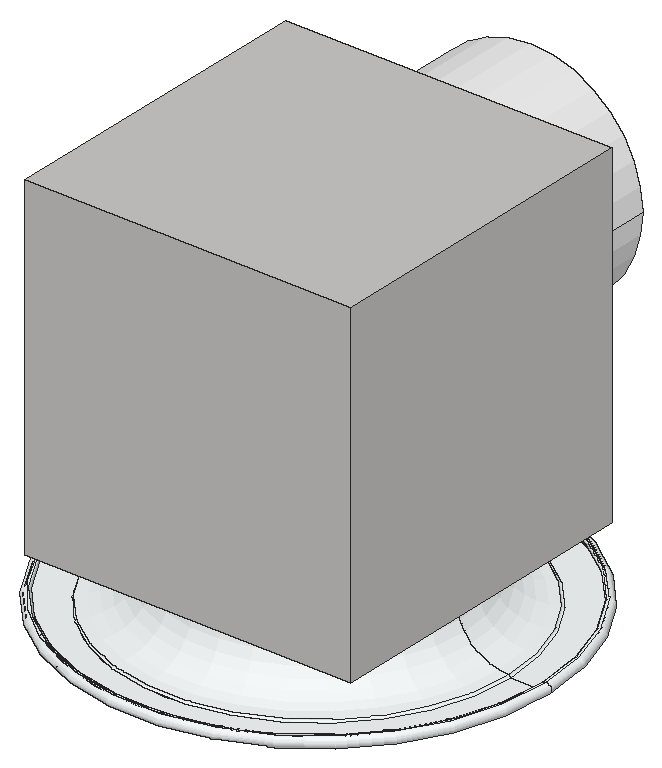
Revit family "HVAC_Ductwork_Airzone_Round-Diffuser_DFCI-PX1", category Air Terminals, Revit 2016
Family settings
  Part Type = Normal
  Round Connector Dimension = Use Diameter
  OmniClass Number = 23.75.70.21.27.11
  OmniClass Title = Diffusers, Registers, and Grilles
  Work Plane-Based = No
  Always vertical = Yes
  Cut with Voids When Loaded = No
  Shared = No
  Room Calculation Point = Yes
Parameters (values of type "INVALID TYPE - Use Load Family and Type Catalog instead")
  c8 = -0.8079  # constant formula
  c7 = 0.01485  # constant formula
  c6 = -6.299  # constant formula
  c5 = 82.34  # constant formula
  c4 = -77.45  # constant formula
  c3 = -153.1  # constant formula
  c2 = -3.153  # constant formula
  c1 = 0.001601  # constant formula
  Velocity [instance] = (Q / (36 * Ak)) * 1.0 m/s  # 3.96825 m/s
  URL = "www.airzone.es"
  Type Image Comments = "Image available in product documentation download"  # constant formula
  Throw Distance [instance] = round((c7 * (Ak ^ c8) * Q) * 1000) * 1.000 mm  # 2263.000 mm
  Sound Level in dB(A) [instance] = if(round((c3 + (c4 * log(Ak))) + ((c5 + (c6 * log(Ak))) * log(Q))) > 0, round((c3 + (c4 * log(Ak))) + ((c5 + (c6 * log(Ak))) * log(Q))), 0)  # 23
  Revit Model Version = "1.0"  # constant formula
  Q [instance] = Flow / 1 m³/h  # 200
  Product Documentation Download URL = "http://doc.airzone.es/BIM/AirQ/Airzone_DFCI.zip"
  Product Comments = "Refer to technical documentation for further details"  # constant formula
  Product Code = "INVALID – Type not loaded via type catalog"
  Pressure Drop [instance] = ((c1 * (Ak ^ c2)) * (Q ^ 2)) * 1.0 Pa  # 22.1671 Pa
  Plenum Width = 175.000 mm
  Plenum Offset [instance] = 26.300 mm
  Plenum Material = Metal - AIRZONE - Galvanized Sheet - Semi-polished
  Plenum Height = 180.000 mm
  Min Flow = 150 m³/h
  Max Flow = 1500 m³/h
  Main Material = Metal - AIRZONE - Extruded Aluminium - White (RAL 9010)
  Long Description = "Round diffuser DFCI-PX that enables the air flow supply in four directions. Made in galvanized Steel with mechanical flow regulation. Lateral connection for round duct"  # constant formula
  Flow [instance] = 200 m³/h
  Model = Product Code  # "INVALID – Type not loaded via type catalog"
  Type Image = <None>
  Manufacturer = "AIRZONE"  # constant formula
  Fixing = "Plenum-Wall hanging fixing by Rod. Diffuser-Plenum fixing by Screw"  # constant formula
  Finish = "White (RAL 9010)"
  Effective Area = Ak * 100.00 cm²  # 140.00 cm²
  Duct Diameter = 125 mm
  Disclaimer = "All information provided in this model is reviewed before being published. However, Airzone cannot guarantee this model is error-free, therefore users are strongly encouraged to check for technical documentation and updates"  # constant formula
  Diffuser Nominal Diameter = 150.000 mm
  Description = "Round diffuser with plenum"  # constant formula
  Type Comments = ""
  Compatible Accesories = "Insulated flexible duct (TFTA) and non-insulated flexible duct (TFST)"  # constant formula
  Ak = 1.4
  Accessories Material = Metal - AIRZONE - Aluminium - Brushed
Reference planes
  plane 1 "Center (Front/Back)": y = 0
  plane 2 "Center (Elevation)": z = 0
  plane 3 "Center (Left/Right)": x = 0
  plane 4 "Plenum Base": z = 26.3
Dimensions and locks
  "Plenum Offset": plane 4 "Plenum Base" to level
  aligned and locked: level to plane 2 "Center (Elevation)"
  aligned and locked: level to nested 1
  aligned and locked: plane 3 "Center (Left/Right)" to nested 1
  aligned and locked: plane 1 "Center (Front/Back)" to nested 1
  aligned and locked: plane 3 "Center (Left/Right)" to nested 2
  aligned and locked: plane 1 "Center (Front/Back)" to nested 2
Nested families
  nested 1: "DFCI_Diffuser" at (0, 0, 0), Material <- "Main Material", Duct Diameter <- "Diffuser Nominal Diameter", type "Standard"
    with Neck Diameter 148.000 mm, Material Metal - AIRZONE - Extruded Aluminium - White (RAL 9010), Duct Diameter 150.000 mm, Diffuser Diameter 250.000 mm, 350 no, 300 no, 250 no, 200 no
  nested 2: "DFCI_Plenum" at (0, 0, 26.3), Accessories Material <- "Accessories Material", Main Material <- "Plenum Material", Width <- "Plenum Width", Height <- "Plenum Height", Duct Diameter <- "Duct Diameter", type "Standard"
    with Width 175.000 mm, Main Material Metal - AIRZONE - Galvanized Sheet - Semi-polished, Length 175.000 mm, Height 180.000 mm, Duct Diameter 125.000 mm, Duct Connection Diameter 120.000 mm, Accessories Material Metal - AIRZONE - Aluminium - Brushed
Connectors
  hvac at (0, 142.5, 141.5), driven by "Pressure Drop", driven by "Flow", driven by "Duct Diameter"
    settings: on nested 2, index 2, duct flow 200 m³/h, flow factor 0, pres drop 22.1671 Pa, loss coef 0, conn angle 0.00°, conn width 304.8 mm, conn height 304.8 mm, conn diameter 125 mm, duct sys type 1, conn prof type 0, flow config 1, flow direction 1, loss method 4, conn ref index -1, conn util no, is conn primary yes, conn desc "Supply Air"
Definition of nested family "DFCI_Diffuser"
  Parameters (values of type "Standard")
    URL = "www.airzone.es"
    Revit Model Version = "1.0"  # constant formula
    Revit Model Author URL = "www.a3d.es"
    Revit Model Author = "A3D Consulting"  # constant formula
    Neck Diameter [instance] = Duct Diameter - 2.000 mm  # 348.000 mm
    Material [instance] = none
    Manufacturer = "AIRZONE"  # constant formula
    Duct Diameter [instance] = 350.000 mm
    Diffuser Diameter [instance] = Duct Diameter + 100.000 mm  # 450.000 mm
    Default Elevation = 0.000 mm
    350 [instance] = not(Duct Diameter < 350.000 mm)  # yes
    300 [instance] = not(Duct Diameter < 300.000 mm)  # yes
    250 [instance] = not(Duct Diameter < 250.000 mm)  # yes
    200 [instance] = not(Duct Diameter < 200.000 mm)  # yes
  Reference planes
    plane 1 "Centro (Frontal/Posterior)": y = 0
    plane 2: z = 0
    plane 3 "Centro (Izquierda/Derecha)": x = 0
    plane 4: x = -225
    plane 5: x = 225
    plane 6: x = -174
    plane 7: x = 174
    plane 8 "Superior": z = 41.2
    plane 9 "Inferior": z = -5.5
    plane 10: z = 24.5
  Forms (mm)
    Revolve 1, solid, material <- "Material", detail levels coarse+medium
      sketch origin (0, 0, 0) x (1, 0, 0) y (0, 0, 1)
        loop
          line (0, 41.2) -> (0, -5.5) -> (225, -5.5) -> (225, 0) -> (220.6, 0) -> (220.6, -3.2) -> (201.65, -3.2)
          arc (201.65, -3.2) -> (182.098, 4.898) -> (174, 24.45) r 27.65
          line (174, 24.45) -> (174, 41.2) -> (0, 41.2)
        axis (0, 41.2) -> (0, -5.5)
      angle from 0 to 360
    Revolve 2, solid, material <- "Material", detail levels fine
      sketch origin (0, 0, 0) x (1, 0, 0) y (0, 0, 1)
        loop
          arc (222.25, -5.5) -> (225, -2.75) -> (222.25, 0) r 2.75
          line (222.25, 0) -> (221.25, 0)
          arc (221.25, 0) -> (220.6, -0.65) -> (221.25, -1.3) r 0.65
          line (221.25, -1.3) -> (222.25, -1.3)
          arc (222.25, -1.3) -> (223.7, -2.75) -> (222.25, -4.199) r 1.45
          line (222.25, -4.199) -> (203.3, -4.199)
          arc (203.3, -4.199) -> (202.592, -3.906) -> (202.299, -3.198) r 1.001
          arc (202.299, -3.198) -> (182.174, 4.815) -> (174, 24.876) r 27.653
          line (174, 24.876) -> (174, 40.5)
          arc (174, 40.5) -> (173.35, 41.15) -> (172.7, 40.5) r 0.65
          line (172.7, 40.5) -> (172.7, 24.45)
          arc (172.7, 24.45) -> (180.623, 4.551) -> (200.055, -4.456) r 28.95
          arc (200.055, -4.456) -> (200.443, -4.558) -> (200.759, -4.803) r 1
          arc (200.759, -4.803) -> (201.441, -5.318) -> (202.276, -5.5) r 2
          line (202.276, -5.5) -> (222.25, -5.5)
        axis (0, 40.5) -> (0, -5.5)
      angle from 0 to 360
    Revolve 3, solid, material <- "Material", detail levels fine
      sketch origin (0, 0, 0) x (1, 0, 0) y (0, 0, 1)
        loop
          arc (11.4, 18.063) -> (19.286, 1.314) -> (36.5, -5.5) r 25.15
          line (36.5, -5.5) -> (41.27, -5.5)
          arc (41.27, -5.5) -> (43.67, -3.1) -> (41.27, -0.7) r 2.4
          line (41.27, -0.7) -> (40.27, -0.7)
          arc (40.27, -0.7) -> (39.62, -1.35) -> (40.27, -2) r 0.65
          line (40.27, -2) -> (41.27, -2)
          arc (41.27, -2) -> (42.37, -3.1) -> (41.27, -4.2) r 1.1
          line (41.27, -4.2) -> (36.5, -4.2)
          arc (36.5, -4.2) -> (20.176, 2.262) -> (12.698, 18.145) r 23.85
          arc (12.698, 18.145) -> (11.976, 19.677) -> (10.402, 20.3) r 2.3
          line (10.402, 20.3) -> (0, 20.3) -> (0, 14.36) -> (5.851, 14.36)
          arc (5.851, 14.36) -> (6.54, 14.635) -> (6.85, 15.31) r 1
          line (6.85, 15.31) -> (6.85, 19) -> (10.402, 19)
          arc (10.402, 19) -> (11.087, 18.729) -> (11.4, 18.063) r 1
        axis (0, 20.3) -> (0, -5.5)
      angle from 0 to 360
    Revolve 4, solid, material <- "Material", detail levels fine
      sketch origin (0, 0, 0) x (1, 0, 0) y (0, 0, 1)
        loop
          arc (68.5, -4.2) -> (52.176, 2.262) -> (44.698, 18.145) r 23.85
          arc (44.698, 18.145) -> (43.976, 19.677) -> (42.402, 20.3) r 2.3
          line (42.402, 20.3) -> (40, 20.3)
          arc (40, 20.3) -> (39.35, 19.65) -> (40, 19) r 0.65
          line (40, 19) -> (42.402, 19)
          arc (42.402, 19) -> (43.087, 18.729) -> (43.4, 18.063) r 1
          arc (43.4, 18.063) -> (51.286, 1.314) -> (68.5, -5.5) r 25.15
          line (68.5, -5.5) -> (73.27, -5.5)
          arc (73.27, -5.5) -> (75.67, -3.1) -> (73.27, -0.7) r 2.4
          line (73.27, -0.7) -> (72.27, -0.7)
          arc (72.27, -0.7) -> (71.62, -1.35) -> (72.27, -2) r 0.65
          line (72.27, -2) -> (73.27, -2)
          arc (73.27, -2) -> (74.37, -3.1) -> (73.27, -4.2) r 1.1
          line (73.27, -4.2) -> (68.5, -4.2)
        axis (0, 20.3) -> (0, -5.5)
      angle from 0 to 360
    Revolve 5, solid, material <- "Material", visible <- "200", detail levels fine
      sketch origin (0, 0, 0) x (1, 0, 0) y (0, 0, 1)
        loop
          arc (98.5, -4.2) -> (82.176, 2.262) -> (74.698, 18.145) r 23.85
          arc (74.698, 18.145) -> (73.976, 19.677) -> (72.402, 20.3) r 2.3
          line (72.402, 20.3) -> (70, 20.3)
          arc (70, 20.3) -> (69.35, 19.65) -> (70, 19) r 0.65
          line (70, 19) -> (72.402, 19)
          arc (72.402, 19) -> (73.087, 18.729) -> (73.4, 18.063) r 1
          arc (73.4, 18.063) -> (81.286, 1.314) -> (98.5, -5.5) r 25.15
          line (98.5, -5.5) -> (103.27, -5.5)
          arc (103.27, -5.5) -> (105.67, -3.1) -> (103.27, -0.7) r 2.4
          line (103.27, -0.7) -> (102.27, -0.7)
          arc (102.27, -0.7) -> (101.62, -1.35) -> (102.27, -2) r 0.65
          line (102.27, -2) -> (103.27, -2)
          arc (103.27, -2) -> (104.37, -3.1) -> (103.27, -4.2) r 1.1
          line (103.27, -4.2) -> (98.5, -4.2)
        axis (0, 20.3) -> (0, -5.5)
      angle from 0 to 360
    Revolve 6, solid, material <- "Material", visible <- "250", detail levels fine
      sketch origin (0, 0, 0) x (1, 0, 0) y (0, 0, 1)
        loop
          arc (123.5, -4.2) -> (107.176, 2.262) -> (99.698, 18.145) r 23.85
          arc (99.698, 18.145) -> (98.976, 19.677) -> (97.402, 20.3) r 2.3
          line (97.402, 20.3) -> (95, 20.3)
          arc (95, 20.3) -> (94.35, 19.65) -> (95, 19) r 0.65
          line (95, 19) -> (97.402, 19)
          arc (97.402, 19) -> (98.087, 18.729) -> (98.4, 18.063) r 1
          arc (98.4, 18.063) -> (106.286, 1.314) -> (123.5, -5.5) r 25.15
          line (123.5, -5.5) -> (128.27, -5.5)
          arc (128.27, -5.5) -> (130.67, -3.1) -> (128.27, -0.7) r 2.4
          line (128.27, -0.7) -> (127.27, -0.7)
          arc (127.27, -0.7) -> (126.62, -1.35) -> (127.27, -2) r 0.65
          line (127.27, -2) -> (128.27, -2)
          arc (128.27, -2) -> (129.37, -3.1) -> (128.27, -4.2) r 1.1
          line (128.27, -4.2) -> (123.5, -4.2)
        axis (0, 20.3) -> (0, -5.5)
      angle from 0 to 360
    Revolve 7, solid, material <- "Material", visible <- "300", detail levels fine
      sketch origin (0, 0, 0) x (1, 0, 0) y (0, 0, 1)
        loop
          arc (148.5, -4.2) -> (132.176, 2.262) -> (124.698, 18.145) r 23.85
          arc (124.698, 18.145) -> (123.976, 19.677) -> (122.402, 20.3) r 2.3
          line (122.402, 20.3) -> (120, 20.3)
          arc (120, 20.3) -> (119.35, 19.65) -> (120, 19) r 0.65
          line (120, 19) -> (122.402, 19)
          arc (122.402, 19) -> (123.087, 18.729) -> (123.4, 18.063) r 1
          arc (123.4, 18.063) -> (131.286, 1.314) -> (148.5, -5.5) r 25.15
          line (148.5, -5.5) -> (153.27, -5.5)
          arc (153.27, -5.5) -> (155.67, -3.1) -> (153.27, -0.7) r 2.4
          line (153.27, -0.7) -> (152.27, -0.7)
          arc (152.27, -0.7) -> (151.62, -1.35) -> (152.27, -2) r 0.65
          line (152.27, -2) -> (153.27, -2)
          arc (153.27, -2) -> (154.37, -3.1) -> (153.27, -4.2) r 1.1
          line (153.27, -4.2) -> (148.5, -4.2)
        axis (0, 20.3) -> (0, -5.5)
      angle from 0 to 360
    Revolve 8, solid, material <- "Material", visible <- "350", detail levels fine
      sketch origin (0, 0, 0) x (1, 0, 0) y (0, 0, 1)
        loop
          arc (173.5, -4.2) -> (157.176, 2.262) -> (149.698, 18.145) r 23.85
          arc (149.698, 18.145) -> (148.976, 19.677) -> (147.402, 20.3) r 2.3
          line (147.402, 20.3) -> (145, 20.3)
          arc (145, 20.3) -> (144.35, 19.65) -> (145, 19) r 0.65
          line (145, 19) -> (147.402, 19)
          arc (147.402, 19) -> (148.087, 18.729) -> (148.4, 18.063) r 1
          arc (148.4, 18.063) -> (156.286, 1.314) -> (173.5, -5.5) r 25.15
          line (173.5, -5.5) -> (178.27, -5.5)
          arc (178.27, -5.5) -> (180.67, -3.1) -> (178.27, -0.7) r 2.4
          line (178.27, -0.7) -> (177.27, -0.7)
          arc (177.27, -0.7) -> (176.62, -1.35) -> (177.27, -2) r 0.65
          line (177.27, -2) -> (178.27, -2)
          arc (178.27, -2) -> (179.37, -3.1) -> (178.27, -4.2) r 1.1
          line (178.27, -4.2) -> (173.5, -4.2)
        axis (0, 20.3) -> (0, -5.5)
      angle from 0 to 360
  Lines and regions (mm)
    Masking region 1
      outline origin (0, 0, -5.5) x (0, -1, 0) y (1, 0, 0)
        loop
          circle (0, 0) r 225
    model lines, detail levels medium
      curve 1: circle (0, 0, -5.5) r 43.7 normal (0, 0, -1)
      curve 2: circle (0, 0, -5.5) r 75.7 normal (0, 0, -1)
      curve 3: circle (0, 0, -5.5) r 105.7 normal (0, 0, -1)
    model lines, visible <- "200", detail levels medium
      curve 4: circle (0, 0, -5.5) r 130.7 normal (0, 0, -1)
    model lines, visible <- "250", detail levels medium
      curve 5: circle (0, 0, -5.5) r 155.7 normal (0, 0, -1)
    model lines, visible <- "300", detail levels medium
      curve 6: circle (0, 0, -5.5) r 180.7 normal (0, 0, -1)
    model lines, visible <- "350", detail levels medium
      curve 7: circle (0, 0, -5.5) r 205.7 normal (0, 0, -1)
    symbolic lines, detail levels medium+fine
      curve 8: circle (0, 0, -5.5) r 43.7 normal (0, 0, -1)
      curve 9: circle (0, 0, -5.5) r 75.7 normal (0, 0, -1)
      curve 10: circle (0, 0, -5.5) r 105.7 normal (0, 0, -1)
    symbolic lines, visible <- "200", detail levels medium+fine
      curve 11: circle (0, 0, -5.5) r 130.7 normal (0, 0, -1)
    symbolic lines, visible <- "250", detail levels medium+fine
      curve 12: circle (0, 0, -5.5) r 155.7 normal (0, 0, -1)
    symbolic lines, visible <- "300", detail levels medium+fine
      curve 13: circle (0, 0, -5.5) r 180.7 normal (0, 0, -1)
    symbolic lines, visible <- "350", detail levels medium+fine
      curve 14: circle (0, 0, -5.5) r 205.7 normal (0, 0, -1)
  Dimensions and locks
    equal spacing: plane 4, plane 3 "Centro (Izquierda/Derecha)", plane 5
    "Diffuser Diameter": plane 4 to plane 5
    equal spacing: plane 6, plane 3 "Centro (Izquierda/Derecha)", plane 7
    "Neck Diameter": plane 6 to plane 7
    locked: plane 8 "Superior" to plane 9 "Inferior" at 46.7
    locked: level to plane 9 "Inferior" at 5.5
    locked: plane 5 to Revolve 1 sketch curve at 4.4
    locked: Revolve 1 sketch curve to plane 9 "Inferior" at 2.3
    locked: plane 8 "Superior" to plane 10 at 16.7
    "Diffuser Diameter": diameter of Masking region 1 sketch curve
    aligned and locked: level to plane 2
    aligned and locked: Revolve 1 sketch curve to plane 3 "Centro (Izquierda/Derecha)"  (x2)
    aligned and locked: plane 5 to Revolve 1 sketch curve
    aligned and locked: level to Revolve 1 sketch curve
    aligned and locked: plane 9 "Inferior" to Revolve 1 sketch curve
    aligned and locked: plane 8 "Superior" to Revolve 1 sketch curve
    aligned and locked: plane 7 to Revolve 1 sketch curve
    aligned and locked: plane 3 "Centro (Izquierda/Derecha)" to curve 1
    aligned and locked: plane 1 "Centro (Frontal/Posterior)" to curve 1
    aligned and locked: plane 3 "Centro (Izquierda/Derecha)" to curve 2
    aligned and locked: plane 1 "Centro (Frontal/Posterior)" to curve 2
    aligned and locked: plane 3 "Centro (Izquierda/Derecha)" to curve 3
    aligned and locked: plane 1 "Centro (Frontal/Posterior)" to curve 3
    aligned and locked: plane 3 "Centro (Izquierda/Derecha)" to curve 4
    aligned and locked: plane 1 "Centro (Frontal/Posterior)" to curve 4
    aligned and locked: plane 3 "Centro (Izquierda/Derecha)" to curve 5
    aligned and locked: plane 1 "Centro (Frontal/Posterior)" to curve 5
    aligned and locked: plane 3 "Centro (Izquierda/Derecha)" to curve 6
    aligned and locked: plane 1 "Centro (Frontal/Posterior)" to curve 6
    aligned and locked: plane 3 "Centro (Izquierda/Derecha)" to curve 7
    aligned and locked: plane 1 "Centro (Frontal/Posterior)" to curve 7
    aligned and locked: Revolve 3 sketch curve to plane 3 "Centro (Izquierda/Derecha)"
    aligned and locked: Revolve 4 sketch curve to plane 3 "Centro (Izquierda/Derecha)"
    aligned and locked: Revolve 5 sketch curve to plane 3 "Centro (Izquierda/Derecha)"
    aligned and locked: Revolve 6 sketch curve to plane 3 "Centro (Izquierda/Derecha)"
    aligned and locked: Revolve 7 sketch curve to plane 3 "Centro (Izquierda/Derecha)"
    aligned and locked: Revolve 8 sketch curve to plane 3 "Centro (Izquierda/Derecha)"
    aligned and locked: plane 3 "Centro (Izquierda/Derecha)" to Masking region 1 sketch curve
    aligned and locked: plane 1 "Centro (Frontal/Posterior)" to Masking region 1 sketch curve
  Automatic sketch dimensions
    Revolve 1 sketch curve to Revolve 1 sketch curve = 1695.315 mm
    plane 10 to Revolve 1 sketch curve = 0.050 mm
    plane 8 "Superior" to Revolve 1 sketch curve = 1748.569 mm
    Revolve 2 sketch curve to plane 7 = 0.000 mm
    Revolve 2 sketch curve to plane 9 "Inferior" = 0.000 mm
    Revolve 2 sketch curve to level = 0.000 mm
    Revolve 2 sketch curve to plane 9 "Inferior" = 0.045 mm
    Revolve 2 sketch curve to Revolve 2 sketch curve = 1.301 mm
    Revolve 2 sketch curve to Revolve 2 sketch curve = 0.699 mm
    Revolve 2 sketch curve to Revolve 2 sketch curve = 1.001 mm
    Revolve 2 sketch curve to Revolve 2 sketch curve = 0.000 mm  (x4)
    Revolve 2 sketch curve to plane 8 "Superior" = 16.753 mm
    Revolve 2 sketch curve to Revolve 2 sketch curve = 0.003 mm
    Revolve 2 sketch curve to plane 8 "Superior" = 0.700 mm
    plane 9 "Inferior" to Revolve 2 sketch curve = 1695.315 mm
    plane 8 "Superior" to Revolve 2 sketch curve = 1748.569 mm
    level to Revolve 3 sketch curve = 18.000 mm
    level to Revolve 3 sketch curve = 19.650 mm
    Revolve 3 sketch curve to Revolve 3 sketch curve = 0.000 mm  (x8)
    plane 3 "Centro (Izquierda/Derecha)" to Revolve 3 sketch curve = 6.850 mm
    Revolve 3 sketch curve to Revolve 3 sketch curve = 3.552 mm
    Revolve 3 sketch curve to Revolve 3 sketch curve = 3.690 mm
    Revolve 3 sketch curve to Revolve 3 sketch curve = 0.999 mm
    Revolve 3 sketch curve to Revolve 3 sketch curve = 0.950 mm
    Revolve 3 sketch curve to Revolve 3 sketch curve = 1.297 mm
    Revolve 3 sketch curve to Revolve 3 sketch curve = 3.770 mm
    Revolve 3 sketch curve to Revolve 3 sketch curve = 0.650 mm
    Revolve 3 sketch curve to Revolve 3 sketch curve = 1.000 mm
    Revolve 3 sketch curve to level = 0.700 mm
    Revolve 3 sketch curve to plane 3 "Centro (Izquierda/Derecha)" = 0.000 mm
    Revolve 3 sketch curve to plane 9 "Inferior" = 0.000 mm
    plane 9 "Inferior" to Revolve 3 sketch curve = 1695.315 mm
    plane 8 "Superior" to Revolve 3 sketch curve = 1748.569 mm
    Revolve 4 sketch curve to Revolve 4 sketch curve = 0.000 mm  (x7)
    Revolve 4 sketch curve to plane 9 "Inferior" = 0.000 mm
    level to Revolve 4 sketch curve = 18.000 mm
    plane 3 "Centro (Izquierda/Derecha)" to Revolve 4 sketch curve = 42.402 mm
    level to Revolve 4 sketch curve = 19.650 mm
    Revolve 4 sketch curve to Revolve 4 sketch curve = 1.297 mm
    Revolve 4 sketch curve to Revolve 4 sketch curve = 2.402 mm
    Revolve 4 sketch curve to Revolve 4 sketch curve = 0.650 mm  (x2)
    Revolve 4 sketch curve to Revolve 4 sketch curve = 4.770 mm
    Revolve 4 sketch curve to Revolve 4 sketch curve = 1.100 mm
    Revolve 4 sketch curve to Revolve 4 sketch curve = 1.000 mm
    plane 9 "Inferior" to Revolve 4 sketch curve = 1695.315 mm
    plane 8 "Superior" to Revolve 4 sketch curve = 1748.569 mm
    Revolve 5 sketch curve to Revolve 5 sketch curve = 0.000 mm  (x6)
    Revolve 5 sketch curve to plane 9 "Inferior" = 0.000 mm
    level to Revolve 5 sketch curve = 20.300 mm
    plane 3 "Centro (Izquierda/Derecha)" to Revolve 5 sketch curve = 70.000 mm
    Revolve 5 sketch curve to Revolve 5 sketch curve = 2.402 mm
    Revolve 5 sketch curve to Revolve 5 sketch curve = 26.098 mm
    Revolve 5 sketch curve to level = 2.000 mm
    Revolve 5 sketch curve to Revolve 5 sketch curve = 3.770 mm
    Revolve 5 sketch curve to Revolve 5 sketch curve = 1.000 mm  (x2)
    Revolve 5 sketch curve to Revolve 5 sketch curve = 1.300 mm
    Revolve 5 sketch curve to Revolve 5 sketch curve = 2.300 mm
    level to Revolve 5 sketch curve = 19.650 mm
    plane 9 "Inferior" to Revolve 5 sketch curve = 1695.315 mm
    plane 8 "Superior" to Revolve 5 sketch curve = 1748.569 mm
    Revolve 6 sketch curve to Revolve 6 sketch curve = 0.000 mm  (x6)
    Revolve 6 sketch curve to plane 9 "Inferior" = 0.000 mm
    level to Revolve 6 sketch curve = 20.300 mm
    plane 3 "Centro (Izquierda/Derecha)" to Revolve 6 sketch curve = 95.000 mm
    Revolve 6 sketch curve to Revolve 6 sketch curve = 2.402 mm
    Revolve 6 sketch curve to Revolve 6 sketch curve = 26.098 mm
    Revolve 6 sketch curve to level = 2.000 mm
    Revolve 6 sketch curve to Revolve 6 sketch curve = 3.770 mm
    Revolve 6 sketch curve to Revolve 6 sketch curve = 1.000 mm  (x2)
    Revolve 6 sketch curve to Revolve 6 sketch curve = 1.300 mm
    Revolve 6 sketch curve to Revolve 6 sketch curve = 2.300 mm
    level to Revolve 6 sketch curve = 19.650 mm
    plane 9 "Inferior" to Revolve 6 sketch curve = 1695.315 mm
    plane 8 "Superior" to Revolve 6 sketch curve = 1748.569 mm
    Revolve 7 sketch curve to Revolve 7 sketch curve = 0.000 mm  (x6)
    Revolve 7 sketch curve to plane 9 "Inferior" = 0.000 mm
    level to Revolve 7 sketch curve = 20.300 mm
    plane 3 "Centro (Izquierda/Derecha)" to Revolve 7 sketch curve = 120.000 mm
    Revolve 7 sketch curve to Revolve 7 sketch curve = 2.402 mm
    Revolve 7 sketch curve to Revolve 7 sketch curve = 26.098 mm
    Revolve 7 sketch curve to level = 2.000 mm
    Revolve 7 sketch curve to Revolve 7 sketch curve = 3.770 mm
    Revolve 7 sketch curve to Revolve 7 sketch curve = 1.000 mm  (x2)
    Revolve 7 sketch curve to Revolve 7 sketch curve = 1.300 mm
    Revolve 7 sketch curve to Revolve 7 sketch curve = 2.300 mm
    level to Revolve 7 sketch curve = 19.650 mm
    plane 9 "Inferior" to Revolve 7 sketch curve = 1695.315 mm
    plane 8 "Superior" to Revolve 7 sketch curve = 1748.569 mm
    Revolve 8 sketch curve to Revolve 8 sketch curve = 0.000 mm  (x6)
    Revolve 8 sketch curve to plane 9 "Inferior" = 0.000 mm
    level to Revolve 8 sketch curve = 20.300 mm
    plane 3 "Centro (Izquierda/Derecha)" to Revolve 8 sketch curve = 145.000 mm
    Revolve 8 sketch curve to Revolve 8 sketch curve = 2.402 mm
    Revolve 8 sketch curve to Revolve 8 sketch curve = 26.098 mm
    Revolve 8 sketch curve to level = 2.000 mm
    Revolve 8 sketch curve to Revolve 8 sketch curve = 3.770 mm
    Revolve 8 sketch curve to Revolve 8 sketch curve = 1.000 mm  (x2)
    Revolve 8 sketch curve to Revolve 8 sketch curve = 1.300 mm
    Revolve 8 sketch curve to Revolve 8 sketch curve = 2.300 mm
    level to Revolve 8 sketch curve = 19.650 mm
    plane 9 "Inferior" to Revolve 8 sketch curve = 1695.315 mm
    plane 8 "Superior" to Revolve 8 sketch curve = 1748.569 mm
    Revolve 2 sketch curve to Revolve 2 sketch curve = 21.250 mm
    Revolve 2 sketch curve to Revolve 2 sketch curve = 2.276 mm
    Revolve 2 sketch curve to Revolve 2 sketch curve = 1.024 mm
    Revolve 2 sketch curve to plane 7 = 1.300 mm
    Revolve 2 sketch curve to plane 5 = 25.000 mm
    Revolve 2 sketch curve to Revolve 2 sketch curve = 27.650 mm
    Revolve 2 sketch curve to Revolve 2 sketch curve = 1.000 mm
    Revolve 2 sketch curve to plane 3 "Centro (Izquierda/Derecha)" = 0.000 mm
    curve 1 to curve 8 = 0.000 mm  (x2)
    curve 1 to curve 9 = 0.000 mm  (x2)
    curve 1 to curve 10 = 0.000 mm  (x2)
    curve 1 to curve 11 = 0.000 mm  (x2)
    curve 1 to curve 12 = 0.000 mm  (x2)
    curve 1 to curve 13 = 0.000 mm  (x2)
    curve 1 to curve 14 = 0.000 mm  (x2)
    radius of curve 1 = 43.700 mm
    radius of curve 2 = 75.700 mm
    radius of curve 3 = 105.700 mm
    radius of curve 4 = 130.700 mm
    radius of curve 5 = 155.700 mm
    radius of curve 6 = 180.700 mm
    radius of curve 7 = 205.700 mm
    radius of curve 8 = 43.700 mm
    radius of curve 9 = 75.700 mm
    radius of curve 10 = 105.700 mm
    radius of curve 11 = 130.700 mm
    radius of curve 12 = 155.700 mm
    radius of curve 13 = 180.700 mm
    radius of curve 14 = 205.700 mm
Definition of nested family "DFCI_Plenum"
  Parameters (values of type "Standard")
    Width [instance] = 175.000 mm
    URL = "www.airzone.es"
    Type Comments = ""
    Revit Model Version = "1.0"  # constant formula
    Revit Model Author URL = "www.a3d.es"
    Revit Model Author = "A3D Consulting"  # constant formula
    Manufacturer = "AIRZONE"  # constant formula
    Main Material [instance] = none
    Length [instance] = Width  # 175.000 mm
    Duct Diameter [instance] = 125.000 mm
    Duct Connection Diameter [instance] = Duct Diameter - 5.000 mm  # 120.000 mm
    Height [instance] = 189.000 mm
    Disclaimer = "All information provided in this model is reviewed before being published. However, Airzone cannot guarantee this model is error-free, therefore users are strongly encouraged to check for technical documentation and updates"  # constant formula
    Default Elevation = 0.000 mm
    Accessories Material [instance] = none
  Reference planes
    plane 1 "Center (Front/Back)": y = 0
    plane 2 "Bottom": z = 0
    plane 3 "Center (Left/Right)": x = 0
    plane 4 "Left": x = -87.5
    plane 5 "Right": x = 87.5
    plane 6 "Front": y = -87.5
    plane 7 "Back": y = 87.5
    plane 8 "Top": z = 189
    plane 9: z = 184.2
    plane 10: z = 64.2
    plane 11: z = 124.2
  Forms (mm)
    Extrusion 1, solid, material <- "Main Material"
      sketch origin (0, 0, 0) x (1, 0, 0) y (0, 1, 0)
        loop
          line (-87.5, 87.5) -> (-87.5, -87.5) -> (87.5, -87.5) -> (87.5, 87.5) -> (-87.5, 87.5)
      from 0 to 189 <- "Height"
    Extrusion 2, solid, material <- "Accessories Material"
      sketch origin (0, 87.5, 0) x (-1, 0, 0) y (0, 0, 1)
        loop
          circle (0, 124.2) r 60
      from 0 to 55
  Dimensions and locks
    equal spacing: plane 4 "Left", plane 3 "Center (Left/Right)", plane 5 "Right"
    "Width": plane 4 "Left" to plane 5 "Right"
    equal spacing: plane 6 "Front", plane 1 "Center (Front/Back)", plane 7 "Back"
    "Length": plane 6 "Front" to plane 7 "Back"
    "Height": plane 8 "Top" to level
    locked: plane 8 "Top" to plane 9 at 4.8
    equal spacing: plane 9, plane 11, plane 10
    "Duct Connection Diameter": plane 9 to plane 10
    "Duct Connection Diameter": diameter of Extrusion 2 sketch curve
    aligned and locked: level to plane 2 "Bottom"
    aligned and locked: Extrusion 1 sketch curve to plane 7 "Back"
    aligned and locked: Extrusion 1 sketch curve to plane 5 "Right"
    aligned and locked: plane 6 "Front" to Extrusion 1 sketch curve
    aligned and locked: Extrusion 1 sketch curve to plane 4 "Left"
    aligned and locked: plane 11 to Extrusion 2 sketch curve
    aligned and locked: Extrusion 2 sketch curve to plane 3 "Center (Left/Right)"
